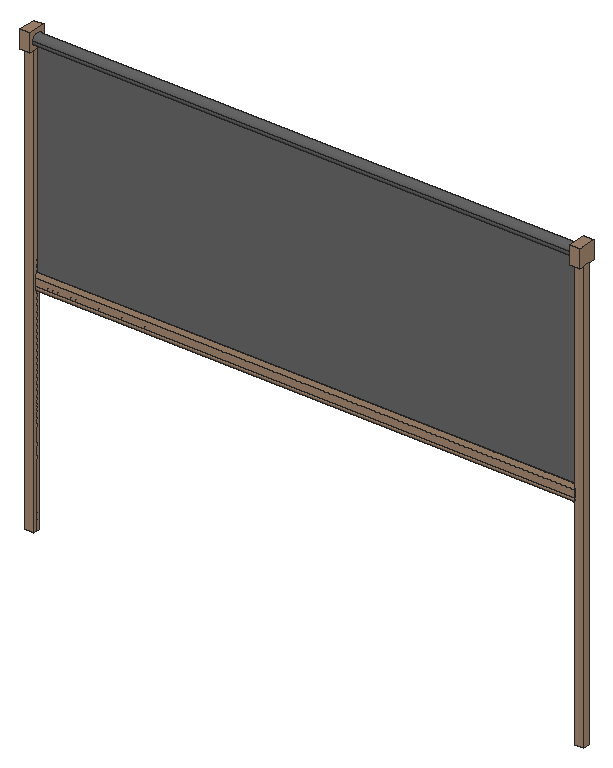
Revit family "Screen_LargeOpening_ExecutiveSeries-Recessed_PhantomScreens-3", category Doors, host Wall, Revit 2026
Family settings
  Host = Wall
  Classification Number = 23.30.60.21
  Always vertical = Yes
  Cut with Voids When Loaded = No
  Shared = No
  Room Calculation Point = No
Parameters (values of type "Type as Specified")
  Visual Light Transmittance = 0
  URL = "http://www.phantomscreens.com/"
  Type Comments = ""
  Track = Dark Acacia
  Thermal Resistance (R) = 0.0000 (h·ft²·°F)/BTU
  Specification = "http://www.phantomscreens.com/architects-designers/specifications-binder/"
  Solar Heat Gain Coefficient = 0
  Slide Bar Height = 0' - 3 11/16"
  Slide Bar = Dark Acacia
  Sizing Notes [instance] = if(or((Width > 25' 0"), (Height > 16' 0")), "Exceeds Maximum Size", "Standard Size")  # "Standard Size"
  Screen = Phifer TuffScreen No-See-Um – Charcoal
  Sales Information = "http://www.phantomscreens.com/support/"
  RollerRad [instance] = Roller Size / 2  # 0' - 1 1/4"
  Roller Size [instance] = if(or((Width > 20' 0"), (Height > 11' 0")), 0' 5", (if(or((Width > 10' 0"), (Height > 8' 0")), 0' 4", 0' 2 1/2")))  # 0' - 2 1/2"
  Revision = "R1_08-2016"
  Recessed Track Width = 0' - 2 7/64"
  Recessed Track = 0' - 1 3/8"
  Product Properties = "http://www.phantomscreens.com/drive/uploads/2015/05/technical_specs_exec.pdf"
  Product Data = "http://www.arcat.com/arcatcos/cos9540/arc40535.html"
  Percent Open [instance] = 50
  Model = "Executive  Series Recessed"
  Manufacturer Website = "http://www.phantomscreens.com/"
  Manufacturer Phone - Toll Free = ""
  Manufacturer Phone = "604-855-3654"
  Manufacturer Fax = "604-855-7834"
  Manufacturer Address = "30451 Simpson Rd.; Abbotsford; BC; Canada V2T 6C7"
  Manufacturer = "Phantom Screens"
  Keynote = "08 11 00"
  Installation-Fabrication = "http://www.phantomscreens.com/architects-designers/options/"
  Housing Size [instance] = if(or((Width > 20' 0"), (Height > 11' 0")), 0' 7 1/8", (if(or((Width > 10' 0"), (Height > 8' 0")), 0' 5 1/2", 0' 4")))  # 0' - 4"
  Heat Transfer Coefficient (U) = 0.1000 BTU/(h·ft²·°F)
  Function = Interior
  Frame Projection Ext. = 0' - 1"
  Frame Projection Int. = 0' - 1"
  Frame Width = 0' - 3"
  Height [instance] = 8' - 0"
  Wall Closure = By host
  Width [instance] = 10' - 0"
  Drawn By = "Sumex Design - Robert S Weygant"
  Description = "Phantom Screens Executive  Series Recessed Screen"
  Copyright = "� 2016 ARCAT Inc."
  Construction Details = "http://www.arcat.com/details/phantoms/95prod3444.html"
  Assembly Code = "B2020400"
  Analytic Construction = "<None>"
  Amount Open [instance] = Height * (Percent Open / 100)  # 4' - 0"
Reference planes (in)
  plane 1 "Center (Front/Back)": y = 0
  plane 2 "Center (Left/Right)": x = 0
  plane 3 "Left": x = -60
  plane 4 "Right": x = 60
  plane 5 "Top": z = 96
  plane 6 "Exterior": y = 4
  plane 7 "Interior": y = -4
  plane 8: x = -62.10938
  plane 9: x = 62.10937
  plane 10: y = 0.51562
  plane 11: y = -0.51562
  plane 12: z = 51.6875
  plane 13: z = 48
  plane 14: y = 0.6875
  plane 15: y = -0.6875
  plane 16: z = 100
  plane 17: y = 0.26562
  plane 18: y = -0.25
  plane 19: y = 2
  plane 20: y = -2
  plane 21: y = 0.04687
  plane 22: y = -0.04687
  plane 23: z = 98
Forms (in)
  Extrusion 1, void
    sketch origin (0, 0, 0) x (1, 0, 0) y (0, 1, 0)
      loop
        line (60, 0.6875) -> (60, -0.6875) -> (62.10937, -0.6875) -> (62.10937, 0.6875) -> (60, 0.6875)
    from 0 to 96
  Extrusion 2, void
    sketch origin (0, 0, 0) x (1, 0, 0) y (0, 1, 0)
      loop
        line (-62.10938, 0.6875) -> (-62.10938, -0.6875) -> (-60, -0.6875) -> (-60, 0.6875) -> (-62.10938, 0.6875)
    from 0 to 96
  Extrusion 3, void
    sketch origin (0, 0, 0) x (0, 1, 0) y (0, 0, 1)
      loop
        line (2, 100) -> (-2, 100) -> (-2, 96) -> (2, 96) -> (2, 100)
    from -62.10937 to 62.10937
  Extrusion 4, solid, material "Dark Acacia" <- "Track"
    sketch origin (0, 0, 0) x (1, 0, 0) y (0, 1, 0)
      loop
        line (-62.10938, 0.6875) -> (-62.10938, -0.6875) -> (-60, -0.6875) -> (-60, -0.04687) -> (-60.25, -0.04687) -> (-60.25, 0.04687) -> (-60, 0.04687) -> (-60, 0.6875) -> (-62.10938, 0.6875)
    from 0 to 96
  Extrusion 5, solid, material "Dark Acacia" <- "Track"
    sketch origin (0, 0, 0) x (1, 0, 0) y (0, 1, 0)
      loop
        line (60, 0.6875) -> (60, 0.04687) -> (60.25, 0.04687) -> (60.25, -0.04687) -> (60, -0.04687) -> (60, -0.6875) -> (62.10937, -0.6875) -> (62.10937, 0.6875) -> (60, 0.6875)
    from 0 to 96
  Extrusion 6, solid, material "Dark Acacia" <- "Track"
    sketch origin (0, 0, 0) x (1, 0, 0) y (0, 1, 0)
      loop
        line (-62.10938, 2) -> (-62.10938, -2) -> (-60, -2) -> (-60, 2) -> (-62.10938, 2)
    from 96 to 100
  Extrusion 7, solid, material "Dark Acacia" <- "Track"
    sketch origin (0, 0, 0) x (1, 0, 0) y (0, 1, 0)
      loop
        line (60, 2) -> (60, -2) -> (62.10937, -2) -> (62.10937, 2) -> (60, 2)
    from 96 to 100
  Extrusion 8, solid, material "Phifer TuffScreen No-See-Um – Charcoal" <- "Screen"
    sketch origin (0, 0, 0) x (0, 1, 0) y (0, 0, 1)
      loop
        circle (0, 98) r 1.25
    from -60 to 60
  Extrusion 9, solid, material "Phifer TuffScreen No-See-Um – Charcoal" <- "Screen"
    sketch origin (0, 0, 0) x (0, 1, 0) y (0, 0, 1)
      loop
        line (0.04687, 98) -> (-0.04688, 98) -> (-0.04688, 51.6875) -> (0.04687, 51.6875) -> (0.04687, 98)
    from -60 to 60
  Extrusion 10, void
    sketch origin (0, 0, 0) x (1, 0, 0) y (0, 0, 1)
      loop
        line (-60, 0) -> (60, 0) -> (60, 96) -> (-60, 96) -> (-60, 0)
    from -4 to 4
  Extrusion 11, solid, material "Dark Acacia" <- "Slide Bar"
    sketch origin (0, 0, 0) x (0, 1, 0) y (0, 0, 1)
      loop
        line (0.51562, 50.6372) -> (0.26563, 51.6875) -> (-0.25, 51.6875) -> (-0.51562, 50.6372) -> (-0.51562, 48.99605) -> (-0.25086, 48.99605)
        arc (-0.25086, 48.99605) -> (0, 48.01748) -> (0.25086, 48.99605) r 0.52144
        line (0.25086, 48.99605) -> (0.51562, 48.99605) -> (0.51562, 50.6372)
    from -60 to 60
Cuts and joins
  Extrusion 10 cuts Extrusion 4
  Extrusion 10 cuts Extrusion 5
Lines and regions (in)
  symbolic lines, style "Elevation Swing"
    curve 1: line (-60, 0, 96) -> (0, 0, 0)
    curve 2: line (0, 0, 0) -> (60, 0, 96)
Text (in)
  text "Exterior" at (-74.96733, 27.31104, 0), in view "Ref. Level"
  text "Interior" at (-74.96733, -25.14366, 0), in view "Ref. Level"
  text "Exterior" at (0, 40.15149, 123.01588), in view "Right"
  text "Interior" at (0, -64.39139, 123.01588), in view "Right"
  text "Interior" at (0, -31.01599, 123.00693), in view "Left"
  text "Exterior" at (0, 54.57065, 123.00693), in view "Left"
Dimensions and locks (in)
  equal spacing: plane 3 "Left", plane 2 "Center (Left/Right)", plane 4 "Right"
  "Height": level to plane 5 "Top"
  "Width": plane 3 "Left" to plane 4 "Right"
  host wall to plane 5 "Top" = 8' - 0"
  "Slide Bar Height": plane 13 to plane 12
  equal spacing: plane 15, host wall, plane 14
  "Recessed Track": plane 15 to plane 14
  "Housing Size": plane 5 "Top" to plane 16
  "Recessed Track Width": plane 8 to plane 3 "Left"
  "Recessed Track Width": plane 4 "Right" to plane 9
  equal spacing: plane 19, plane 1 "Center (Front/Back)", plane 20
  "Housing Size": plane 19 to plane 20
  locked: plane 4 "Right" to Extrusion 5 sketch curve at 0.25
  locked: Extrusion 4 sketch curve to plane 3 "Left" at 0.25
  equal spacing: plane 16, plane 23, plane 5 "Top"
  locked: plane 12 to Extrusion 11 sketch curve at 2.69145  (x2)
  locked: plane 12 to Extrusion 11 sketch curve at 3.14859
  "Amount Open": level to plane 13
  "RollerRad": radius of Extrusion 8 sketch curve
  aligned and locked: plane 6 "Exterior" to host wall
  aligned and locked: plane 7 "Interior" to host wall
  aligned and locked: Extrusion 1 sketch curve to plane 14
  aligned and locked: Extrusion 1 sketch curve to plane 4 "Right"
  aligned and locked: Extrusion 1 sketch curve to plane 15
  aligned and locked: Extrusion 1 sketch curve to plane 9
  aligned and locked: Extrusion 1 to plane 5 "Top"
  aligned and locked: Extrusion 2 sketch curve to plane 14
  aligned and locked: Extrusion 2 sketch curve to plane 8
  aligned and locked: Extrusion 2 sketch curve to plane 15
  aligned and locked: plane 3 "Left" to Extrusion 2 sketch curve
  aligned and locked: Extrusion 2 to plane 5 "Top"
  aligned and locked: plane 16 to Extrusion 3 sketch curve
  aligned and locked: plane 19 to Extrusion 3 sketch curve
  aligned and locked: plane 5 "Top" to Extrusion 3 sketch curve
  aligned and locked: plane 20 to Extrusion 3 sketch curve
  aligned and locked: plane 9 to Extrusion 3
  aligned and locked: plane 8 to Extrusion 3
  aligned and locked: plane 5 "Top" to Extrusion 3
  aligned and locked: plane 16 to Extrusion 3  (x2)
  aligned and locked: Extrusion 4 sketch curve to Extrusion 2  (x4)
  aligned and locked: Extrusion 5 sketch curve to Extrusion 1  (x4)
  aligned and locked: Extrusion 6 sketch curve to Extrusion 3  (x3)
  aligned and locked: plane 3 "Left" to Extrusion 6 sketch curve
  aligned and locked: Extrusion 7 sketch curve to Extrusion 3  (x3)
  aligned and locked: Extrusion 7 sketch curve to plane 4 "Right"
  aligned and locked: plane 16 to Extrusion 7
  aligned and locked: plane 5 "Top" to Extrusion 7
  aligned and locked: plane 16 to Extrusion 6
  aligned and locked: plane 5 "Top" to Extrusion 6
  aligned and locked: plane 23 to Extrusion 9 sketch curve
  aligned and locked: Extrusion 9 sketch curve to plane 21
  aligned and locked: Extrusion 9 sketch curve to plane 12
  aligned and locked: Extrusion 9 sketch curve to plane 22
  aligned and locked: Extrusion 9 to plane 4 "Right"
  aligned and locked: plane 3 "Left" to Extrusion 9
  aligned and locked: plane 4 "Right" to Extrusion 1
  aligned and locked: Extrusion 4 to plane 3 "Left"  (x2)
  aligned and locked: Extrusion 1 to plane 4 "Right"
  aligned and locked: Extrusion 2 to plane 3 "Left"
  aligned and locked: Extrusion 9 to plane 3 "Left"
  aligned and locked: plane 4 "Right" to Extrusion 5
  aligned and locked: plane 4 "Right" to Extrusion 9
  aligned and locked: Extrusion 10 sketch curve to plane 4 "Right"
  aligned and locked: Extrusion 10 sketch curve to plane 5 "Top"
  aligned and locked: plane 3 "Left" to Extrusion 10 sketch curve
  aligned and locked: Extrusion 10 sketch curve to level
  aligned and locked: plane 23 to Extrusion 8 sketch curve
  aligned and locked: host wall to Extrusion 8 sketch curve
  aligned and locked: Extrusion 8 to plane 4 "Right"
  aligned and locked: plane 3 "Left" to Extrusion 8
  aligned and locked: Extrusion 4 to plane 5 "Top"
  aligned and locked: Extrusion 5 to plane 5 "Top"
  aligned and locked: plane 21 to Extrusion 5 sketch curve
  aligned and locked: plane 22 to Extrusion 5 sketch curve
  aligned and locked: Extrusion 4 sketch curve to plane 21
  aligned and locked: Extrusion 4 sketch curve to plane 22
  aligned and locked: plane 3 "Left" to Extrusion 4 sketch curve
  aligned and locked: plane 12 to Extrusion 11 sketch curve
  aligned and locked: Extrusion 11 sketch curve to plane 11
  aligned and locked: Extrusion 11 sketch curve to plane 10
  aligned and locked: host wall to Extrusion 10  (x2)
  aligned and locked: plane 3 "Left" to Extrusion 11
  aligned and locked: Extrusion 11 to plane 4 "Right"
Automatic sketch dimensions
  Extrusion 5 sketch curve to plane 4 "Right" = 0' - 0"
  Extrusion 11 sketch curve to plane 18 = 0' - 0"
  Extrusion 11 sketch curve to host wall = 0' - 0"
  Extrusion 11 sketch curve to plane 17 = 0' - 0"
  Extrusion 11 sketch curve to plane 18 = 0' - 0.00086"
  Extrusion 11 sketch curve to Extrusion 11 sketch curve = 0' - 0"
  Extrusion 11 sketch curve to plane 12 = 0' - 1.0503"
  curve 2 to plane 5 "Top" = 0' - 0"
  curve 1 to plane 5 "Top" = 0' - 0"
  plane 3 "Left" to curve 1 = 0' - 0"
  curve 2 to level = 0' - 0"
  curve 2 to plane 2 "Center (Left/Right)" = 0' - 0"
  plane 4 "Right" to curve 2 = 0' - 0"
